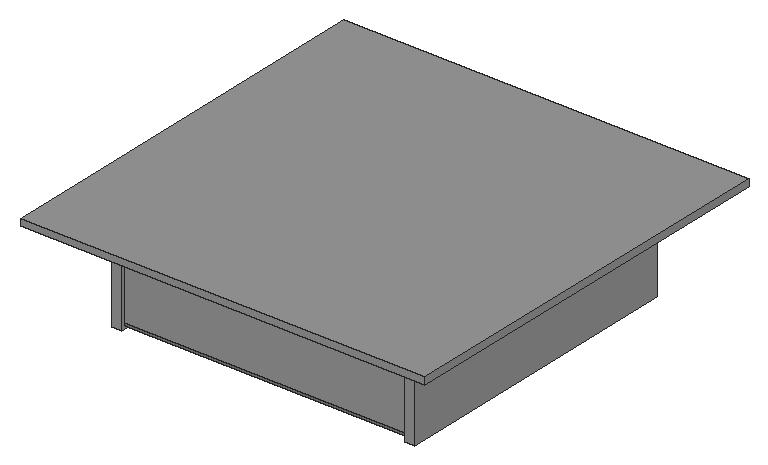
Revit family "Berica 2.0 M", category Lighting Fixtures, Revit 2020 (continued)
Definition of nested family "Light Source Berica 2.0"
  Parameters (values of type "L 45°x96°")
      42.68 39.42 36.43 33.59 30.41 26.62 \r\n23.01 19.63 16.36 13.79 11.22 8.81 7.33 5.88 4.30 3.39 \r\n2.95 2.55 2.10 1.68 1.24 0.88 0.76 0.66 0.58 0.49 0.41 \r\n0.33 0.27 0.21 0.15 0.10 0.07 0.04 0.03 0.03 0.02 0.02 \r\n0.02 0.02 0.02 0.03 0.03 0.04 0.07 0.10 0.15 0.21 0.27 \r\n0.33 0.41 0.49 0.58 0.66 0.76 0.88 1.24 1.68 2.10 2.55 \r\n2.95 3.39 4.30 5.88 7.33 8.81 11.22 13.79 16.36 19.63 \r\n23.01 26.62 30.41 33.59 36.43 39.42 42.68 47.05 51.50 \r\n55.89 60.15 63.70 67.54 71.37 75.43 79.75 83.83 88.32 \r\n92.96 97.34 102.37 106.88 111.80 116.98 121.91 126.97 \r\n132.15 137.09 141.88 146.33 151.39 155.99 160.89 164.84 \r\n169.62 173.29 177.34 181.18 184.71 188.26 191.34 194.83 \r\n197.92 200.79 203.59 206.44 208.62 210.96 212.92 214.78 \r\n216.41 217.94 219.28 220.52 221.63 222.51 223.28 224.02 \r\n224.51 \r\n224.51 224.08 223.48 222.86 222.13 221.23 220.23 219.10 \r\n217.81 216.41 214.98 213.36 211.57 209.68 207.21 205.07 \r\n202.62 200.27 197.28 194.35 191.22 188.09 184.95 181.65 \r\n178.05 174.46 170.57 166.50 162.64 158.34 154.15 149.77 \r\n145.31 140.69 135.75 131.29 126.63 121.55 116.81 111.94 \r\n107.17 102.48 97.61 92.75 88.28 83.91 79.55 75.48 71.39 \r\n67.73 63.74 60.29 56.71 53.30 49.87 46.25 42.49 38.52 \r\n34.67 31.83 29.21 26.38 23.22 20.12 17.11 14.22 11.83 \r\n9.45 7.76 6.37 4.98 4.10 3.54 3.06 2.56 2.10 1.72 1.47 \r\n1.25 1.06 0.85 0.68 0.50 0.36 0.23 0.13 0.07 0.04 0.03 \r\n0.03 0.03 0.03 0.03 0.04 0.07 0.13 0.23 0.36 0.50 0.68 \r\n0.85 1.06 1.25 1.47 1.72 2.10 2.56 3.06 3.54 4.10 4.98 \r\n6.37 7.76 9.45 11.83 14.22 17.11 20.12 23.22 26.38 29.21 \r\n31.83 34.67 38.52 42.49 46.25 49.87 53.30 56.71 60.29 \r\n63.74 67.73 71.39 75.48 79.55 83.91 88.28 92.75 97.61 \r\n102.48 107.17 111.94 116.81 121.55 126.63 131.29 135.75 \r\n140.69 145.31 149.77 154.15 158.34 162.64 166.50 170.57 \r\n174.46 178.05 181.65 184.95 188.09 191.22 194.35 197.28 \r\n200.27 202.62 205.07 207.21 209.68 211.57 213.36 214.98 \r\n216.41 217.81 219.10 220.23 221.23 222.13 222.86 223.48 \r\n224.08 224.51 \r\n224.51 224.25 223.87 223.34 222.66 222.12 221.30 220.35 \r\n219.27 218.00 216.77 215.37 214.02 212.60 210.64 208.95 \r\n207.01 204.82 202.50 200.07 197.44 194.94 192.09 189.09 \r\n186.22 182.82 179.85 176.18 172.69 168.88 165.41 161.30 \r\n157.62 153.21 149.28 144.86 140.35 136.09 131.35 126.57 \r\n122.00 117.17 112.15 107.35 102.34 97.70 92.67 88.42 \r\n84.22 79.58 75.44 71.18 67.32 63.28 59.47 55.72 52.45 \r\n49.18 45.71 42.74 39.74 36.82 33.63 30.72 27.56 24.72 \r\n22.38 20.12 17.70 15.22 12.71 10.62 8.64 7.14 6.01 5.04 \r\n4.36 3.76 3.17 2.69 2.25 1.84 1.48 1.12 0.78 0.48 0.24 \r\n0.10 0.05 0.04 0.04 0.04 0.05 0.10 0.24 0.48 0.78 1.12 \r\n1.48 1.84 2.25 2.69 3.17 3.76 4.36 5.04 6.01 7.14 8.64 \r\n10.62 12.71 15.22 17.70 20.12 22.38 24.72 27.56 30.72 \r\n33.63 36.82 39.74 42.74 45.71 49.18 52.45 55.72 59.47 \r\n63.28 67.32 71.18 75.44 79.58 84.22 88.42 92.67 97.70 \r\n102.34 107.35 112.15 117.17 122.00 126.57 131.35 136.09 \r\n140.35 144.86 149.28 153.21 157.62 161.30 165.41 168.88 \r\n172.69 176.18 179.85 182.82 186.22 189.09 192.09 194.94 \r\n197.44 200.07 202.50 204.82 207.01 208.95 210.64 212.60 \r\n214.02 215.37 216.77 218.00 219.27 220.35 221.30 222.12 \r\n222.66 223.34 223.87 224.25 224.51 \r\n224.51 224.29 224.03 223.64 223.12 222.60 221.91 221.30 \r\n220.47 219.54 218.50 217.26 216.03 214.77 213.25 211.70 \r\n210.01 208.29 206.33 204.39 202.27 199.93 197.82 195.32 \r\n192.81 190.12 187.23 184.34 181.37 178.22 174.96 171.52 \r\n167.91 164.47 160.45 156.65 152.33 148.37 143.80 139.52 \r\n135.32 130.24 125.79 120.81 116.02 111.25 106.03 101.46 \r\n96.57 91.68 87.08 82.27 77.94 73.48 68.95 65.15 61.24 \r\n57.26 53.49 49.96 46.61 43.40 40.13 37.45 34.48 31.83 \r\n29.31 26.86 24.62 22.36 20.21 18.13 16.31 14.34 12.78 \r\n11.08 9.60 8.12 7.01 6.00 5.14 4.38 3.62 2.90 2.24 1.60 \r\n1.01 0.53 0.25 0.10 0.07 0.10 0.25 0.53 1.01 1.60 2.24 \r\n2.90 3.62 4.38 5.14 6.00 7.01 8.12 9.60 11.08 12.78 14.34 \r\n16.31 18.13 20.21 22.36 24.62 26.86 29.31 31.83 34.48 \r\n37.45 40.13 43.40 46.61 49.96 53.49 57.26 61.24 65.15 \r\n68.95 73.48 77.94 82.27 87.08 91.68 96.57 101.46 106.03 \r\n111.25 116.02 120.81 125.79 130.24 135.32 139.52 143.80 \r\n148.37 152.33 156.65 160.45 164.47 167.91 171.52 174.96 \r\n178.22 181.37 184.34 187.23 190.12 192.81 195.32 197.82 \r\n199.93 202.27 204.39 206.33 208.29 210.01 211.70 213.25 \r\n214.77 216.03 217.26 218.50 219.54 220.47 221.30 221.91 \r\n222.60 223.12 223.64 224.03 224.29 224.51 \r\n224.51 224.36 224.16 223.82 223.58 223.20 222.61 222.09 \r\n221.44 220.74 219.88 218.91 217.90 216.79 215.53 214.18 \r\n212.70 211.15 209.49 207.62 205.74 203.69 201.62 199.45 \r\n197.37 194.94 192.32 189.83 187.22 184.30 181.48 178.60 \r\n175.42 172.19 168.78 165.14 161.69 157.76 153.80 149.41 \r\n145.44 141.10 136.46 131.85 126.93 122.07 117.30 112.19 \r\n107.34 102.25 97.36 92.48 87.45 82.76 77.91 73.39 68.68 \r\n64.49 60.52 56.43 52.76 49.18 45.54 42.42 39.09 36.18 \r\n33.25 30.76 28.28 25.80 23.60 21.40 19.58 17.64 16.12 \r\n14.54 13.01 11.64 10.29 9.12 7.87 6.80 5.75 4.71 3.76 \r\n2.82 2.05 1.24 0.69 0.29 0.21 0.29 0.69 1.24 2.05 2.82 \r\n3.76 4.71 5.75 6.80 7.87 9.12 10.29 11.64 13.01 14.54 \r\n16.12 17.64 19.58 21.40 23.60 25.80 28.28 30.76 33.25 \r\n36.18 39.09 42.42 45.54 49.18 52.76 56.43 60.52 64.49 \r\n68.68 73.39 77.91 82.76 87.45 92.48 97.36 102.25 107.34 \r\n112.19 117.30 122.07 126.93 131.85 136.46 141.10 145.44 \r\n149.41 153.80 157.76 161.69 165.14 168.78 172.19 175.42 \r\n178.60 181.48 184.30 187.22 189.83 192.32 194.94 197.37 \r\n199.45 201.62 203.69 205.74 207.62 209.49 211.15 212.70 \r\n214.18 215.53 216.79 217.90 218.91 219.88 220.74 221.44 \r\n222.09 222.61 223.20 223.58 223.82 224.16 224.36 224.51 \r\n224.51 224.54 224.47 224.29 224.04 223.70 223.35 223.00 \r\n222.37 221.64 220.92 220.21 219.23 218.33 217.06 215.88 \r\n214.56 213.07 211.42 209.78 208.08 206.23 204.25 202.16 \r\n200.14 197.85 195.62 193.10 190.58 187.82 185.16 182.17 \r\n179.18 176.35 173.06 169.68 165.83 162.15 158.39 154.58 \r\n150.21 145.95 141.55 136.64 132.14 127.20 122.43 117.54 \r\n112.46 107.56 102.36 97.42 92.53 87.26 82.94 78.07 73.39 \r\n68.85 64.65 60.75 56.75 52.88 49.48 46.11 42.61 39.56 \r\n36.57 33.94 31.23 28.75 26.27 24.18 22.19 20.16 18.36 \r\n16.73 15.10 13.62 12.09 10.74 9.43 8.19 6.97 5.82 4.70 \r\n3.63 2.61 1.77 1.06 0.57 0.41 0.57 1.06 1.77 2.61 3.63 \r\n4.70 5.82 6.97 8.19 9.43 10.74 12.09 13.62 15.10 16.73 \r\n18.36 20.16 22.19 24.18 26.27 28.75 31.23 33.94 36.57 \r\n39.56 42.61 46.11 49.48 52.88 56.75 60.75 64.65 68.85 \r\n73.39 78.07 82.94 87.26 92.53 97.42 102.36 107.56 112.46 \r\n117.54 122.43 127.20 132.14 136.64 141.55 145.95 150.21 \r\n154.58 158.39 162.15 165.83 169.68 173.06 176.35 179.18 \r\n182.17 185.16 187.82 190.58 193.10 195.62 197.85 200.14 \r\n202.16 204.25 206.23 208.08 209.78 211.42 213.07 214.56 \r\n215.88 217.06 218.33 219.23 220.21 220.92 221.64 222.37 \r\n223.00 223.35 223.70 224.04 224.29 224.47 224.54 224.51 \r\n"
    Lumens = 410 lm
    built-in parameter 1150115 = 1 (stored number, unit not read)
    built-in parameter 1150105 = 32.627 (stored number, unit not read)
    built-in parameter 1150137 = (empty or 0)
    built-in parameter 1150139 = (empty or 0)
    built-in parameter 1150112 = 1 (stored number, unit not read)
    built-in parameter 1150114 = 1 (stored number, unit not read)
    built-in parameter 1150132 = 2
    built-in parameter 1150102 = (empty or 0)
    built-in parameter 1150138 = (empty or 0)
    built-in parameter 1150107 = 3000 (stored number, unit not read)
    built-in parameter 1150106 = 0.32627 (stored number, unit not read)
    built-in parameter 1150104 = 13.8 (stored number, unit not read)
    Dimming Lamp Color Temperature Shift = (empty or 0)
    Default Elevation = 1219.2 mm
    Color Filter = 16777215
    built-in parameter 1114218 = 1 (stored number, unit not read)
    built-in parameter 1150133 = 10 (stored number, unit not read)
